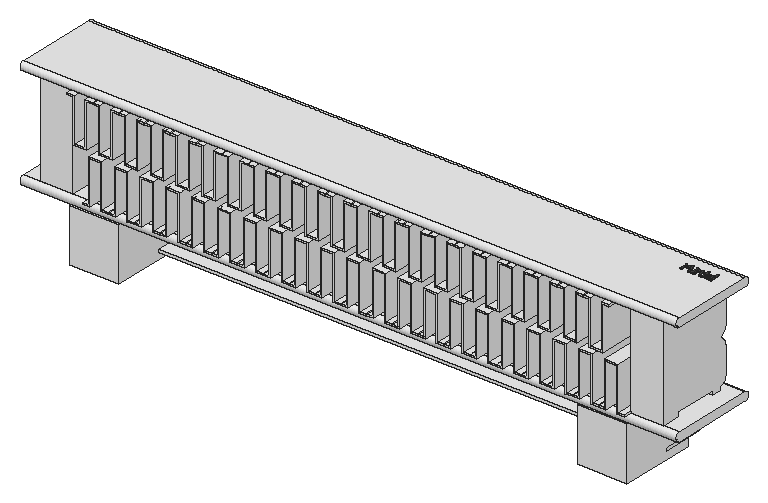
Revit family "Runtal-R2F-1", category Mechanical Equipment, host Face, Revit 2026
Family settings
  Host = Face
  Round Connector Dimension = Use Diameter
  Part Type = Normal
  Classification Number = 23.75.10.14.14
  Cut with Voids When Loaded = No
  Maintain Annotation Orientation = No
  Shared = No
  Room Calculation Point = No
Parameters (values of type "Radiator-R2F_1-Runtal-Commercial")
  URL = "http://www.runtalnorthamerica.com/commercial_institutional/type_r2f_quick_specs.html"
  Model = "R2F-1"
  Manufacturer = "Runtal Radiators"
  Logo = Paint-Runtal-B-Black Matte
  Length = 508.000 mm
  Lamelle = yes
  Height = 144.780 mm
  Grille Visibility = Actual Length < 1524.000 mm  # yes
  Grille = yes
  Frame = UHMW, White
  Fin Length = Actual Length - 38.100 mm - 38.100 mm  # 431.800 mm
  Fin Height = 67.000 mm
  Description = "R2F radiators are mounted horizontally and consist of two rows of fins sandwiched between two layers of panels."
  Default Elevation = 1219.200 mm
  Casing = Powder Coated-Runtal-W-White
  Assembly Code = "D3020"
  Actual Length = if(Length < 508.000 mm, 508.000 mm, (if(Length > 8991.600 mm, 8991.600 mm, Length)))  # 508.000 mm
Reference planes
  plane 1 "Center (Front/Back)": y = 0
  plane 2: z = 0
  plane 3 "Center (Left/Right)": x = 0
  plane 4: z = 41.275
  plane 5: z = 84.138
  plane 6: z = 120.65
  plane 7: x = -254
  plane 8: x = 254
  plane 9: x = 215.9
  plane 10: z = 52.675
  plane 11: z = 114.975
  plane 12: x = -215.9
  plane 13: z = 47.625
  plane 14: x = -241.3
  plane 15: x = 241.3
  plane 16: y = 66.03
  plane 17: y = 60.38
  plane 18: y = 61.38
  plane 19: z = 90.21
  plane 20: z = 52.675
  plane 21: z = 10.916
Forms (mm)
  Sweep 1, solid, material "Powder Coated-Runtal-W-White" <- "Casing"
    path origin (0, 2.53, -82.252) x (0, 0, -1) y (-1, 0, 0)
      loop
        line (-202.902, 254) -> (-202.902, -254)
    profile "PF Panel : PF Panel" origin (0, 2.53, 120.65) x (0, 0, -1) y (0, 1, 0)
      loop
        arc (-6.35, 3.175) -> (-3.175, 0) -> (0, 3.175) r 3.175
        line (0, 3.175) -> (0, 66.675)
        arc (0, 66.675) -> (-3.175, 69.85) -> (-6.35, 66.675) r 3.175
        line (-6.35, 66.675) -> (-6.35, 3.175)
  Sweep 2, solid, material "Powder Coated-Runtal-W-White" <- "Casing"
    path origin (0, 2.53, -161.627) x (0, 0, -1) y (-1, 0, 0)
      loop
        line (-202.902, 254) -> (-202.902, -254)
    profile "PF Panel : PF Panel" origin (0, 2.53, 41.275) x (0, 0, -1) y (0, 1, 0)
      loop
        arc (-6.35, 3.175) -> (-3.175, 0) -> (0, 3.175) r 3.175
        line (0, 3.175) -> (0, 66.675)
        arc (0, 66.675) -> (-3.175, 69.85) -> (-6.35, 66.675) r 3.175
        line (-6.35, 66.675) -> (-6.35, 3.175)
  Extrusion 3, solid, material "Paint-Runtal-B-Black Matte" <- "Logo"
    sketch origin (0, -823.718, -152.4) x (1, 0, 0) y (0, 1, 0)
      loop
        line (215.9, 877.175) -> (217.482, 877.175) -> (217.482, 880.935)
        arc (217.482, 880.935) -> (218.028, 881.547) -> (218.698, 881.075) r 0.616
        arc (218.698, 881.075) -> (218.926, 880.633) -> (219.216, 880.229) r 3.37
        line (219.216, 880.229) -> (221.077, 880.229) -> (219.757, 883.061)
        arc (219.757, 883.061) -> (219.338, 883.403) -> (218.812, 883.525) r 1.194
        line (218.812, 883.525) -> (216.635, 883.525)
        arc (216.635, 883.525) -> (216.118, 883.334) -> (215.9, 882.827) r 0.699
        line (215.9, 882.827) -> (215.9, 877.175)
      loop
        line (222.852, 877.146) -> (225.869, 877.146) -> (225.869, 883.46)
        arc (225.869, 883.46) -> (225.105, 883.929) -> (224.341, 883.46) r 0.856
        line (224.341, 883.46) -> (224.341, 879.55)
        arc (224.341, 879.55) -> (223.721, 878.929) -> (223.1, 879.55) r 0.62
        line (223.1, 879.55) -> (221.834, 883.692)
        arc (221.834, 883.692) -> (220.996, 884.11) -> (220.536, 883.296) r 0.68
        line (220.536, 883.296) -> (221.738, 878.473)
        arc (221.738, 878.473) -> (222.142, 877.681) -> (222.852, 877.146) r 1.976
      loop
        line (226.263, 877.175) -> (227.738, 877.175) -> (227.738, 881.08)
        arc (227.738, 881.08) -> (228.119, 881.677) -> (228.747, 881.35) r 0.524
        line (228.747, 881.35) -> (229.931, 878.096)
        arc (229.931, 878.096) -> (230.64, 877.334) -> (231.68, 877.312) r 1.335
        line (231.68, 877.312) -> (230.282, 882.529)
        arc (230.282, 882.529) -> (229.99, 883.234) -> (229.286, 883.525) r 0.996
        line (229.286, 883.525) -> (226.837, 883.525)
        arc (226.837, 883.525) -> (226.431, 883.357) -> (226.263, 882.951) r 0.574
        line (226.263, 882.951) -> (226.263, 877.175)
      loop
        line (232.362, 877.175) -> (233.546, 877.175) -> (233.546, 880.946)
        arc (233.546, 880.946) -> (233.686, 881.325) -> (234.038, 881.521) r 0.582
        line (234.038, 881.521) -> (236.904, 881.521)
        arc (236.904, 881.521) -> (237.565, 880.86) -> (236.904, 880.199) r 0.661
        line (236.904, 880.199) -> (235.445, 880.199)
        arc (235.445, 880.199) -> (234.937, 879.989) -> (234.726, 879.481) r 0.718
        line (234.726, 879.481) -> (234.726, 877.743)
        arc (234.726, 877.743) -> (235.131, 877.463) -> (235.621, 877.417) r 0.967
        line (235.621, 877.417) -> (238.115, 877.417)
        arc (238.115, 877.417) -> (238.698, 877.659) -> (238.939, 878.241) r 0.824
        line (238.939, 878.241) -> (238.939, 881.716)
        arc (238.939, 881.716) -> (238.614, 882.502) -> (237.828, 882.828) r 1.111
        line (237.828, 882.828) -> (234.143, 882.828)
        arc (234.143, 882.828) -> (233.721, 883.003) -> (233.546, 883.425) r 0.597
        line (233.546, 883.425) -> (233.546, 884.441)
        arc (233.546, 884.441) -> (232.868, 885.118) -> (232.191, 884.441) r 0.677
        line (232.191, 884.441) -> (232.191, 882.794)
        arc (232.191, 882.794) -> (231.752, 882.355) -> (231.152, 882.194) r 1.2
        arc (231.152, 882.194) -> (230.815, 881.857) -> (231.152, 881.521) r 0.336
        arc (231.152, 881.521) -> (231.811, 881.385) -> (232.362, 880.998) r 1.661
        line (232.362, 880.998) -> (232.362, 877.175)
      loop
        spline (235.817, 878.915) -> (235.846, 878.769) -> (235.933, 878.633) -> (236.07, 878.516) -> (236.248, 878.426) -> (236.456, 878.37) -> (236.68, 878.35) -> (236.903, 878.37) -> (237.111, 878.426) -> (237.289, 878.516) -> (237.427, 878.633) -> (237.513, 878.769) -> (237.542, 878.915)
        spline (237.542, 878.915) -> (237.513, 879.061) -> (237.427, 879.198) -> (237.289, 879.315) -> (237.111, 879.404) -> (236.903, 879.461) -> (236.68, 879.48) -> (236.456, 879.461) -> (236.248, 879.404) -> (236.07, 879.315) -> (235.933, 879.198) -> (235.846, 879.061) -> (235.817, 878.915)
      loop
        line (239.224, 877.175) -> (240.643, 877.175) -> (240.643, 884.403)
        arc (240.643, 884.403) -> (239.934, 885.113) -> (239.224, 884.403) r 0.71
        line (239.224, 884.403) -> (239.224, 877.175)
    from 279.4 to 279.569
  Extrusion 4, solid, material "Powder Coated-Runtal-W-White" <- "Casing"
    sketch origin (0, 72.38, -82.252) x (0, 0, -1) y (-1, 0, 0)
      loop
        line (-123.527, 177.8) -> (-82.252, 177.8) -> (-82.252, 215.9) -> (-123.527, 215.9) -> (-123.527, 177.8)
      loop
        line (-123.527, -177.8) -> (-123.527, -215.9) -> (-82.252, -215.9) -> (-82.252, -177.8) -> (-123.527, -177.8)
    from -69.85 to -11
  Extrusion 5, solid, material "Powder Coated-Runtal-W-White" <- "Casing", detail levels medium+fine
    sketch origin (0, -823.718, -77.492) x (1, 0, 0) y (0, 0, -1)
      loop
        arc (-213.36, -125.117) -> (-215.156, -125.861) -> (-215.9, -127.657) r 2.54
        line (-215.9, -127.657) -> (-215.9, -158.452)
        arc (-215.9, -158.452) -> (-215.156, -160.248) -> (-213.36, -160.992) r 2.54
        line (-213.36, -160.992) -> (213.36, -160.992)
        arc (213.36, -160.992) -> (215.156, -160.248) -> (215.9, -158.452) r 2.54
        line (215.9, -158.452) -> (215.9, -127.657)
        arc (215.9, -127.657) -> (215.156, -125.861) -> (213.36, -125.117) r 2.54
        line (213.36, -125.117) -> (-213.36, -125.117)
      loop
        arc (213.36, -198.142) -> (215.156, -197.398) -> (215.9, -195.602) r 2.54
        line (215.9, -195.602) -> (215.9, -164.169)
        arc (215.9, -164.169) -> (215.156, -162.373) -> (213.36, -161.629) r 2.54
        line (213.36, -161.629) -> (-213.36, -161.629)
        arc (-213.36, -161.629) -> (-215.156, -162.373) -> (-215.9, -164.169) r 2.54
        line (-215.9, -164.169) -> (-215.9, -195.602)
        arc (-215.9, -195.602) -> (-215.156, -197.398) -> (-213.36, -198.142) r 2.54
        line (-213.36, -198.142) -> (213.36, -198.142)
    from 890.718 to 896.098
  Extrusion 6, solid, material "Powder Coated-Runtal-W-White" <- "Casing"
    sketch origin (-457.2, -823.718, -82.38) x (0, 0, -1) y (0, 1, 0)
      loop
        arc (-133.188, 890.718) -> (-134.569, 894.504) -> (-138.27, 896.099) r 5.09
        line (-138.27, 896.099) -> (-160.039, 896.099)
        arc (-160.039, 896.099) -> (-164.401, 894.445) -> (-166.569, 890.314) r 6.578
        arc (-166.569, 890.314) -> (-168.673, 894.439) -> (-172.997, 896.098) r 6.464
        line (-172.997, 896.098) -> (-194.671, 896.098)
        arc (-194.671, 896.098) -> (-198.416, 894.512) -> (-199.883, 890.718) r 5.214
        line (-199.883, 890.718) -> (-203.03, 890.718) -> (-203.03, 877.778) -> (-199.855, 877.778) -> (-199.855, 844.049) -> (-203.03, 844.049) -> (-203.03, 829.825) -> (-130.005, 829.825) -> (-130.005, 844.049) -> (-133.18, 844.049) -> (-133.18, 877.778) -> (-130.005, 877.778) -> (-130.005, 890.718) -> (-133.188, 890.718)
    from 215.9 to 241.3
  Extrusion 7, solid, material "Powder Coated-Runtal-W-White" <- "Casing"
    sketch origin (0, 0, 0) x (0, 1, 0) y (0, 0, 1)
      loop
        line (72.38, 41.275) -> (70.461, 41.275) -> (70.461, 7.798) -> (40.63, 7.798) -> (40.63, 5.88) -> (72.38, 5.88) -> (72.38, 41.275)
    from -215.9 to 215.9
  Extrusion 8, solid, material "Powder Coated-Runtal-W-White" <- "Casing"
    sketch origin (457.2, -823.718, -82.38) x (0, 0, -1) y (0, -1, 0)
      loop
        line (-133.188, -884.368) -> (-130.005, -884.368) -> (-130.005, -877.778) -> (-133.18, -877.778) -> (-133.18, -844.049) -> (-130.005, -844.049) -> (-130.005, -829.825) -> (-203.03, -829.825) -> (-203.03, -844.049) -> (-199.855, -844.049) -> (-199.855, -877.778) -> (-203.03, -877.778) -> (-203.03, -884.368) -> (-199.883, -884.368)
        arc (-199.883, -884.368) -> (-198.416, -888.162) -> (-194.671, -889.748) r 5.214
        line (-194.671, -889.748) -> (-172.997, -889.748)
        arc (-172.997, -889.748) -> (-168.673, -888.089) -> (-166.569, -883.964) r 6.464
        arc (-166.569, -883.964) -> (-164.401, -888.095) -> (-160.039, -889.749) r 6.578
        line (-160.039, -889.749) -> (-138.27, -889.749)
        arc (-138.27, -889.749) -> (-134.569, -888.154) -> (-133.188, -884.368) r 5.09
    from 215.9 to 241.3
Dimensions and locks
  plane 6 to plane 5 to plane 4 to level = 36.512 mm locked, 42.863 mm locked, 41.275 mm locked
  locked: level to plane 10 at 52.675
  locked: level to plane 11 at 114.975
  equal spacing: plane 7, plane 3 "Center (Left/Right)", plane 8  (x2)
  locked: plane 13 to level at 47.625
  locked: plane 9 to plane 8 at 38.1
  locked: plane 12 to plane 7 at 38.1
  "Actual Length": plane 7 to plane 8
  locked: plane 15 to plane 8 at 12.7
  locked: plane 7 to plane 14 at 12.7
  locked: host face to plane 19 at 90.21
  locked: host face to plane 20 at 52.675
  locked: host face to plane 21 at 10.916
  aligned and locked: plane 2 to host face
  aligned and locked: level to host face
  aligned and locked: plane 2 to nested 1
  aligned and locked: nested 1 to plane 7
  aligned and locked: plane 2 to nested 2
  aligned and locked: Extrusion 4 to level  (x3)
  aligned and locked: level to nested 2
  aligned and locked: plane 14 to Extrusion 6
  aligned and locked: Extrusion 6 to plane 12  (x4)
  aligned and locked: plane 12 to nested 3
  aligned and locked: nested 4 to plane 9
  aligned and locked: Extrusion 7 to plane 4  (x2)
  aligned and locked: plane 18 to nested 6
  aligned and locked: nested 6 to plane 12
  aligned and locked: nested 6 to plane 9
  aligned and locked: nested 5 to plane 9
  aligned and locked: plane 9 to Extrusion 7
  aligned and locked: plane 9 to Extrusion 4
  aligned and locked: nested 1 to plane 9  (x2)
  aligned and locked: Extrusion 7 to plane 12
  aligned and locked: Extrusion 4 to plane 12
  aligned and locked: plane 12 to nested 1  (x2)
  aligned and locked: nested 5 to plane 12
  aligned and locked: Extrusion 8 to plane 15
  aligned and locked: Extrusion 8 to plane 9
  aligned and locked: plane 15 to nested 2
  aligned and locked: Extrusion 4 to nested 6
  aligned and locked: plane 21 to nested 5
  aligned and locked: plane 20 to nested 8
  aligned and locked: plane 9 to Extrusion 5  (x2)
  aligned and locked: plane 9 to nested 7
  aligned and locked: plane 9 to nested 8
  aligned and locked: plane 12 to nested 7
  aligned and locked: plane 12 to nested 8
  aligned and locked: plane 12 to Extrusion 7
  aligned and locked: Extrusion 5 to plane 12  (x2)
  aligned and locked: nested 4 to plane 12
  aligned and locked: plane 9 to Extrusion 8  (x2)
Automatic sketch dimensions
  host sketch curve to host sketch curve = 2438.400 mm  (x2)
  Sweep 1 sketch curve to plane 6 = 0.000 mm
  plane 8 to Sweep 1 sketch curve = 0.000 mm
  plane 7 to Sweep 1 sketch curve = 0.000 mm
  Sweep 2 sketch curve to plane 4 = 0.000 mm
  plane 8 to Sweep 2 sketch curve = 0.000 mm
  plane 7 to Sweep 2 sketch curve = 0.000 mm
  Extrusion 3 sketch curve to plane 9 = 0.000 mm
  plane 17 to Extrusion 3 sketch curve = 6.953 mm
  plane 9 to Extrusion 3 sketch curve = 0.735 mm
  Extrusion 3 sketch curve to Extrusion 3 sketch curve = 1.582 mm
  plane 17 to Extrusion 3 sketch curve = 0.573 mm  (x2)
  Extrusion 3 sketch curve to Extrusion 3 sketch curve = 2.177 mm
  Extrusion 3 sketch curve to Extrusion 3 sketch curve = 1.734 mm
  plane 17 to Extrusion 3 sketch curve = 1.037 mm
  Extrusion 3 sketch curve to Extrusion 3 sketch curve = 0.945 mm
  plane 17 to Extrusion 3 sketch curve = 0.803 mm
  Extrusion 3 sketch curve to Extrusion 3 sketch curve = 0.779 mm
  Extrusion 3 sketch curve to Extrusion 3 sketch curve = 1.861 mm
  Extrusion 3 sketch curve to Extrusion 3 sketch curve = 0.661 mm
  plane 17 to Extrusion 3 sketch curve = 0.406 mm
  Extrusion 3 sketch curve to Extrusion 3 sketch curve = 1.298 mm
  Extrusion 3 sketch curve to Extrusion 3 sketch curve = 1.114 mm
  Extrusion 3 sketch curve to Extrusion 3 sketch curve = 1.362 mm
  plane 17 to Extrusion 3 sketch curve = 0.638 mm  (x2)
  Extrusion 3 sketch curve to Extrusion 3 sketch curve = 2.507 mm
  Extrusion 3 sketch curve to Extrusion 3 sketch curve = 1.528 mm
  Extrusion 3 sketch curve to Extrusion 3 sketch curve = 0.394 mm
  Extrusion 3 sketch curve to Extrusion 3 sketch curve = 0.574 mm
  Extrusion 3 sketch curve to Extrusion 3 sketch curve = 1.475 mm
  plane 17 to Extrusion 3 sketch curve = 2.748 mm
  Extrusion 3 sketch curve to Extrusion 3 sketch curve = 1.008 mm
  Extrusion 3 sketch curve to Extrusion 3 sketch curve = 0.539 mm
  Extrusion 3 sketch curve to Extrusion 3 sketch curve = 2.193 mm
  plane 17 to Extrusion 3 sketch curve = 1.569 mm
  Extrusion 3 sketch curve to Extrusion 3 sketch curve = 1.749 mm
  Extrusion 3 sketch curve to plane 17 = 0.343 mm
  Extrusion 3 sketch curve to Extrusion 3 sketch curve = 1.909 mm
  Extrusion 3 sketch curve to Extrusion 3 sketch curve = 0.683 mm
  Extrusion 3 sketch curve to Extrusion 3 sketch curve = 1.355 mm
  Extrusion 3 sketch curve to Extrusion 3 sketch curve = 1.184 mm
  Extrusion 3 sketch curve to Extrusion 3 sketch curve = 0.492 mm  (x2)
  Extrusion 3 sketch curve to Extrusion 3 sketch curve = 1.181 mm
  Extrusion 3 sketch curve to Extrusion 3 sketch curve = 0.718 mm
  Extrusion 3 sketch curve to Extrusion 3 sketch curve = 0.894 mm
  Extrusion 3 sketch curve to Extrusion 3 sketch curve = 1.460 mm
  Extrusion 3 sketch curve to Extrusion 3 sketch curve = 0.923 mm
  Extrusion 3 sketch curve to Extrusion 3 sketch curve = 2.495 mm
  Extrusion 3 sketch curve to Extrusion 3 sketch curve = 1.111 mm
  Extrusion 3 sketch curve to Extrusion 3 sketch curve = 0.285 mm
  plane 15 to Extrusion 3 sketch curve = 0.657 mm
  Extrusion 3 sketch curve to Extrusion 3 sketch curve = 0.699 mm
  Extrusion 3 sketch curve to Extrusion 3 sketch curve = 0.616 mm
  Extrusion 3 sketch curve to Extrusion 3 sketch curve = 0.600 mm
  Extrusion 3 sketch curve to Extrusion 3 sketch curve = 0.603 mm
  Extrusion 3 sketch curve to Extrusion 3 sketch curve = 0.065 mm
  Extrusion 3 sketch curve to Extrusion 3 sketch curve = 0.764 mm
  Extrusion 3 sketch curve to Extrusion 3 sketch curve = 0.870 mm
  Extrusion 3 sketch curve to Extrusion 3 sketch curve = 0.034 mm
  Extrusion 3 sketch curve to Extrusion 3 sketch curve = 0.582 mm
  Extrusion 3 sketch curve to Extrusion 3 sketch curve = 0.597 mm
  Extrusion 3 sketch curve to Extrusion 3 sketch curve = 0.000 mm  (x3)
  Extrusion 3 sketch curve to Extrusion 3 sketch curve = 0.735 mm
  Extrusion 3 sketch curve to Extrusion 3 sketch curve = 0.356 mm
  Extrusion 3 sketch curve to Extrusion 3 sketch curve = 0.863 mm
  plane 17 to Extrusion 3 sketch curve = 6.923 mm
  Extrusion 3 sketch curve to Extrusion 3 sketch curve = 4.175 mm
  Extrusion 3 sketch curve to Extrusion 3 sketch curve = 0.030 mm
  Extrusion 3 sketch curve to Extrusion 3 sketch curve = 5.652 mm
  Extrusion 3 sketch curve to Extrusion 3 sketch curve = 0.137 mm
  Extrusion 3 sketch curve to Extrusion 3 sketch curve = 0.242 mm
  Extrusion 3 sketch curve to Extrusion 3 sketch curve = 0.326 mm
  Extrusion 3 sketch curve to Extrusion 3 sketch curve = 0.784 mm
  Extrusion 3 sketch curve to Extrusion 3 sketch curve = 1.327 mm
  Extrusion 3 sketch curve to Extrusion 3 sketch curve = 1.109 mm
  Extrusion 3 sketch curve to Extrusion 3 sketch curve = 0.599 mm
  Extrusion 3 sketch curve to Extrusion 3 sketch curve = 1.756 mm
  Extrusion 3 sketch curve to Extrusion 3 sketch curve = 0.706 mm
  Extrusion 3 sketch curve to Extrusion 3 sketch curve = 1.466 mm
  Extrusion 3 sketch curve to Extrusion 3 sketch curve = 0.051 mm
  Extrusion 3 sketch curve to Extrusion 3 sketch curve = 0.270 mm
  Extrusion 3 sketch curve to Extrusion 3 sketch curve = 0.195 mm
  plane 17 to Extrusion 3 sketch curve = 1.305 mm
  Extrusion 3 sketch curve to plane 17 = 0.305 mm
  Extrusion 3 sketch curve to Extrusion 3 sketch curve = 0.544 mm
  Extrusion 3 sketch curve to Extrusion 3 sketch curve = 1.307 mm
  Extrusion 3 sketch curve to Extrusion 3 sketch curve = 0.336 mm
  Extrusion 3 sketch curve to Extrusion 3 sketch curve = 0.387 mm
  Extrusion 4 sketch curve to plane 4 = 0.000 mm  (x2)
  Extrusion 4 sketch curve to level = 0.000 mm  (x2)
  Extrusion 4 sketch curve to plane 9 = 0.000 mm
  Extrusion 4 sketch curve to plane 12 = 0.000 mm
  Extrusion 4 sketch curve to Extrusion 4 sketch curve = 38.100 mm  (x2)
  Extrusion 5 sketch curve to plane 12 = 0.000 mm  (x2)
  Extrusion 5 sketch curve to plane 6 = 0.000 mm
  Extrusion 5 sketch curve to plane 5 = 0.000 mm
  Extrusion 5 sketch curve to plane 13 = 0.000 mm
  Extrusion 5 sketch curve to plane 9 = 0.000 mm  (x2)
  plane 6 to Extrusion 5 sketch curve = 2.540 mm
  plane 12 to Extrusion 5 sketch curve = 2.540 mm  (x3)
  Extrusion 5 sketch curve to Extrusion 5 sketch curve = 0.000 mm  (x2)
  Extrusion 5 sketch curve to plane 9 = 2.540 mm  (x2)
  plane 5 to Extrusion 5 sketch curve = 0.638 mm
  plane 6 to Extrusion 6 sketch curve = 0.000 mm  (x2)
  plane 13 to Extrusion 6 sketch curve = 0.000 mm  (x2)
  Extrusion 6 sketch curve to plane 1 "Center (Front/Back)" = 6.106 mm
  plane 11 to Extrusion 6 sketch curve = 2.527 mm
  plane 11 to Extrusion 6 sketch curve = 2.500 mm
  Extrusion 6 sketch curve to plane 11 = 2.684 mm
  Extrusion 6 sketch curve to plane 5 = 6.479 mm
  Extrusion 6 sketch curve to plane 16 = 6.351 mm
  plane 5 to Extrusion 6 sketch curve = 6.479 mm
  plane 10 to Extrusion 6 sketch curve = 3.215 mm
  Extrusion 6 sketch curve to plane 10 = 1.867 mm
  Extrusion 6 sketch curve to plane 10 = 1.875 mm
  Extrusion 6 sketch curve to plane 5 = 0.051 mm
  Extrusion 6 sketch curve to Extrusion 6 sketch curve = 14.225 mm  (x2)
  plane 17 to Extrusion 6 sketch curve = 6.320 mm  (x2)
  Extrusion 6 sketch curve to Extrusion 6 sketch curve = 6.578 mm
  plane 4 to Extrusion 7 sketch curve = 0.000 mm
  level to Extrusion 7 sketch curve = 7.798 mm
  plane 17 to Extrusion 7 sketch curve = 19.750 mm
  level to Extrusion 7 sketch curve = 5.880 mm
  Extrusion 7 sketch curve to plane 16 = 4.431 mm
  Extrusion 7 sketch curve to Extrusion 7 sketch curve = 1.919 mm
  plane 6 to Extrusion 8 sketch curve = 0.000 mm  (x2)
  Extrusion 8 sketch curve to plane 16 = 0.000 mm
  plane 13 to Extrusion 8 sketch curve = 0.000 mm  (x2)
  Extrusion 8 sketch curve to plane 16 = 0.001 mm
  plane 11 to Extrusion 8 sketch curve = 2.527 mm
  plane 11 to Extrusion 8 sketch curve = 2.500 mm
  Extrusion 8 sketch curve to plane 11 = 2.684 mm
  Extrusion 8 sketch curve to plane 5 = 6.479 mm
  plane 5 to Extrusion 8 sketch curve = 6.479 mm
  plane 10 to Extrusion 8 sketch curve = 3.215 mm
  Extrusion 8 sketch curve to plane 10 = 1.867 mm
  Extrusion 8 sketch curve to plane 10 = 1.875 mm
  Extrusion 8 sketch curve to plane 5 = 0.051 mm
  plane 16 to Extrusion 8 sketch curve = 5.380 mm  (x2)
  plane 17 to Extrusion 8 sketch curve = 6.320 mm  (x2)
  Extrusion 8 sketch curve to plane 1 "Center (Front/Back)" = 20.331 mm  (x2)
  Extrusion 8 sketch curve to plane 1 "Center (Front/Back)" = 6.106 mm
  plane 16 to Extrusion 8 sketch curve = 5.784 mm
  Extrusion 6 sketch curve to plane 16 = 6.350 mm
  Extrusion 6 sketch curve to plane 16 = 0.970 mm  (x2)
Nested families
  nested 1: "R2F_Plan_coarse" at (0, 37.465, 0) x (-1, 0, 0) z (0, -1, 0), type "R2F_Plan_coarse"
  nested 2: "R2F_Plan_Medium" at (0, 0, 0) x (-1, 0, 0) z (0, -1, 0), type "R2F_Plan_Medium"
  nested 3: "Family Fins" at (-215.9, 0, 120.65) x (1, 0, 0) z (0, 1, 0), type "Family Fins", detail levels medium+fine
    with fHeight 67.000 mm
  nested 4: "Family Fins" at (215.9, 0, 47.625) x (-1, 0, 0) z (0, 1, 0), type "Family Fins", detail levels medium+fine
    with fHeight 67.000 mm
  nested 5: "Family Grilles" at (215.9, 72.38, 10.916) x (-1, 0, 0) z (0, 1, 0), visible <- "Grille Visibility", type "Family Grilles", detail levels fine
  nested 6: "Family Back Grilles" at (215.9, 61.38, 5.88) x (-1, 0, 0) z (0, 0, -1), visible <- "Grille Visibility", type "Family Back Grilles", detail levels fine
  nested 7: "Family Grilles" at (-215.9, 72.38, 114.975) x (1, 0, 0) z (0, 1, 0), visible <- "Grille Visibility", type "Family Grilles", detail levels fine
  nested 8: "Family Grilles" at (-215.9, 72.38, 52.675) x (1, 0, 0) z (0, -1, 0), visible <- "Grille Visibility", type "Family Grilles", detail levels fine
Connectors
  piping at (196.85, 31.955, 0), diameter 609.6
    settings: on Extrusion 4, index 1, connector inside diameter 24", connector length 0.000 mm, flow factor 0, pipe flow 0 GPM, pressure drop 0.00 psi, fitting loss kfactor 0, connector angle 0.00°, fixture units 0, engagement length 0.000 mm, angle of deflection 0.00°, flow configuration 0, flow direction 0, fitting loss method 0, system type 7, joint type 0, gender type 0, connector reference index -1, connector utility 0, adjustable connector no, is connector primary yes, connector description ""
Definition of nested family "Family Fins"
  Parameters
    finLength = 431.800 mm
    fin# = rounddown((finLength) / 19.990 mm)  # 21
    fin = none
    fHeight = 120.000 mm
    Default Elevation = 0.000 mm  # constant formula
  Reference planes
    plane 1 "Center (Front/Back)": y = 0
    plane 2 "Stick": z = 0
    plane 3 "Center (Left/Right)": x = 0
    plane 4: x = 431.8
  Forms (mm)
    Extrusion 1, solid
      sketch origin (0, 0, 0) x (1, 0, 0) y (0, 1, 0)
        loop
          line (-1219.2, 1219.2) -> (-1219.2, -1219.2) -> (1219.2, -1219.2) -> (1219.2, 1219.2) -> (-1219.2, 1219.2)
      from 0 to -304.8
  Dimensions and locks
    "finLength": plane 3 "Center (Left/Right)" to plane 4
    equal spacing: group 1, group 2, group 3, group 4, group 5, group 6, group 7, group 8, group 9, group 10, group 11, group 12, group 13, group 14, group 15, group 16, group 17, group 18, group 19, group 20, group 21  (x3)
    aligned and locked: plane 2 "Stick" to Extrusion 1
    aligned and locked: level to Extrusion 1
  Automatic sketch dimensions
    Extrusion 1 sketch curve to Extrusion 1 sketch curve = 2438.400 mm  (x2)
  Nested families
    nested 1: "Family Lamelle" at (9.995, 0, 0), type "Family Lamelle"
      with fHeight 120.000 mm
    nested 2: "Family Lamelle" at (29.985, 0, 0), type "Family Lamelle"
      with fHeight 120.000 mm
    nested 3: "Family Lamelle" at (49.975, 0, 0), type "Family Lamelle"
      with fHeight 120.000 mm
    nested 4: "Family Lamelle" at (69.964, 0, 0), type "Family Lamelle"
      with fHeight 120.000 mm
    nested 5: "Family Lamelle" at (89.954, 0, 0), type "Family Lamelle"
      with fHeight 120.000 mm
    nested 6: "Family Lamelle" at (109.944, 0, 0), type "Family Lamelle"
      with fHeight 120.000 mm
    nested 7: "Family Lamelle" at (129.934, 0, 0), type "Family Lamelle"
      with fHeight 120.000 mm
    nested 8: "Family Lamelle" at (149.924, 0, 0), type "Family Lamelle"
      with fHeight 120.000 mm
    nested 9: "Family Lamelle" at (169.913, 0, 0), type "Family Lamelle"
      with fHeight 120.000 mm
    nested 10: "Family Lamelle" at (189.903, 0, 0), type "Family Lamelle"
      with fHeight 120.000 mm
    nested 11: "Family Lamelle" at (209.893, 0, 0), type "Family Lamelle"
      with fHeight 120.000 mm
    nested 12: "Family Lamelle" at (229.883, 0, 0), type "Family Lamelle"
      with fHeight 120.000 mm
    nested 13: "Family Lamelle" at (249.873, 0, 0), type "Family Lamelle"
      with fHeight 120.000 mm
    nested 14: "Family Lamelle" at (269.862, 0, 0), type "Family Lamelle"
      with fHeight 120.000 mm
    nested 15: "Family Lamelle" at (289.852, 0, 0), type "Family Lamelle"
      with fHeight 120.000 mm
    nested 16: "Family Lamelle" at (309.842, 0, 0), type "Family Lamelle"
      with fHeight 120.000 mm
    nested 17: "Family Lamelle" at (329.832, 0, 0), type "Family Lamelle"
      with fHeight 120.000 mm
    nested 18: "Family Lamelle" at (349.822, 0, 0), type "Family Lamelle"
      with fHeight 120.000 mm
    nested 19: "Family Lamelle" at (369.811, 0, 0), type "Family Lamelle"
      with fHeight 120.000 mm
    nested 20: "Family Lamelle" at (389.801, 0, 0), type "Family Lamelle"
      with fHeight 120.000 mm
    nested 21: "Family Lamelle" at (409.791, 0, 0), type "Family Lamelle"
      with fHeight 120.000 mm
  Definition of nested family "Family Lamelle"
    Parameters
      fHeight = 66.000 mm
      Fin = none
      Default Elevation = 1219.200 mm
    Reference planes
      plane 1 "Center (Front/Back)": y = 0
      plane 2: z = 0
      plane 3 "Center (Left/Right)": x = 0
    Forms (mm)
      Extrusion 1, solid
        sketch origin (0, 0, 0) x (1, 0, 0) y (0, 1, 0)
          loop
            line (-1219.2, 1219.2) -> (-1219.2, -1219.2) -> (1219.2, -1219.2) -> (1219.2, 1219.2) -> (-1219.2, 1219.2)
        from 0 to -304.8
      Sweep 2, solid, material <- "Fin"
        path origin (0, 0, 0) x (1, 0, 0) y (0, 0, 1)
          loop
            line (0, 0) -> (0, 66)
        profile "PF Lamelle : PF Lamelle" origin (0, 0, 33) x (-1, 0, 0) y (0, -1, 0)
          loop
            line (9.995, 0) -> (4.229, 0) -> (4.229, -33.477) -> (-4.229, -33.477) -> (-4.229, 0) -> (-9.995, 0) -> (-9.995, -1.016) -> (-5.245, -1.016) -> (-5.245, -34.493) -> (5.245, -34.493) -> (5.245, -1.016) -> (9.995, -1.016) -> (9.995, 0)
    Dimensions and locks
      "fHeight": Sweep 2 sketch curve to plane 2
      aligned and locked: plane 2 to Extrusion 1
      aligned and locked: level to Extrusion 1
    Automatic sketch dimensions
      Extrusion 1 sketch curve to Extrusion 1 sketch curve = 2438.400 mm  (x2)
      Sweep 2 sketch curve to plane 3 "Center (Left/Right)" = 0.000 mm
      Sweep 2 sketch curve to level = 0.000 mm
Definition of nested family "R2F_Plan_coarse"
  Parameters
    width = 508.000 mm
  Reference planes
    plane 1 "Center (Front/Back)": y = 0
    plane 2: z = 0
    plane 3 "Center (Left/Right)": x = 0
    plane 4: x = -254
    plane 5: x = 254
    plane 6: x = -177.8
    plane 7: x = 177.8
  Lines and regions (mm)
    Masking region 1, in view "Ref. Level"
      outline origin (0, 0, 0) x (1, 0, 0) y (0, 1, 0)
        loop
          line (-177.8, -4.961) -> (-177.8, 0) -> (-215.9, 0) -> (-215.9, -41.275) -> (-254, -41.275) -> (-254, -47.625) -> (-241.3, -47.625) -> (-241.3, -120.65) -> (-254, -120.65) -> (-254, -127) -> (254, -127) -> (254, -120.65) -> (241.3, -120.65) -> (241.3, -47.625) -> (254, -47.625) -> (254, -41.275) -> (215.9, -41.275) -> (215.9, 0) -> (177.8, 0) -> (177.8, -4.961) -> (-177.8, -4.961)
    detail lines, in view "Ref. Level"
      curve 1: line (-215.9, 0, 0) -> (-215.9, -41.275, 0)
      curve 2: line (-241.3, -47.625, 0) -> (-241.3, -120.65, 0)
      curve 3: line (215.9, -41.275, 0) -> (215.9, 0, 0)
      curve 4: line (215.9, 0, 0) -> (177.8, 0, 0)
      curve 5: line (177.8, 0, 0) -> (177.8, -4.961, 0)
      curve 6: line (-177.8, -4.961, 0) -> (-177.8, 0, 0)
      curve 7: line (-177.8, 0, 0) -> (-215.9, 0, 0)
      curve 8: line (-254, -41.275, 0) -> (-215.9, -41.275, 0)
      curve 9: line (-254, -41.275, 0) -> (-254, -47.625, 0)
      curve 10: line (-254, -47.625, 0) -> (-241.3, -47.625, 0)
      curve 11: line (-241.3, -120.65, 0) -> (-254, -120.65, 0)
      curve 12: line (-254, -120.65, 0) -> (-254, -127, 0)
      curve 13: line (-177.8, -4.961, 0) -> (177.8, -4.961, 0)
      curve 14: line (215.9, -41.275, 0) -> (254, -41.275, 0)
      curve 15: line (254, -41.275, 0) -> (254, -47.625, 0)
      curve 16: line (254, -47.625, 0) -> (241.3, -47.625, 0)
      curve 17: line (241.3, -47.625, 0) -> (241.3, -120.65, 0)
      curve 18: line (241.3, -120.65, 0) -> (254, -120.65, 0)
      curve 19: line (254, -120.65, 0) -> (254, -127, 0)
      curve 20: line (254, -127, 0) -> (-254, -127, 0)
    detail lines, in view "Ref. Level", not visible
      curve 21: line (-215.9, 0, 0) -> (-215.9, -41.275, 0)
      curve 22: line (-241.3, -47.625, 0) -> (-241.3, -120.65, 0)
      curve 23: line (-177.8, -4.961, 0) -> (-177.8, 0, 0)
      curve 24: line (-177.8, 0, 0) -> (-215.9, 0, 0)
      curve 25: line (-254, -41.275, 0) -> (-215.9, -41.275, 0)
      curve 26: line (-254, -41.275, 0) -> (-254, -47.625, 0)
      curve 27: line (-254, -47.625, 0) -> (-241.3, -47.625, 0)
      curve 28: line (-241.3, -120.65, 0) -> (-254, -120.65, 0)
      curve 29: line (-254, -120.65, 0) -> (-254, -127, 0)
      curve 30: line (215.9, -41.275, 0) -> (215.9, 0, 0)
      curve 31: line (215.9, 0, 0) -> (177.8, 0, 0)
      curve 32: line (177.8, 0, 0) -> (177.8, -4.961, 0)
      curve 33: line (215.9, -41.275, 0) -> (254, -41.275, 0)
      curve 34: line (254, -41.275, 0) -> (254, -47.625, 0)
      curve 35: line (254, -47.625, 0) -> (241.3, -47.625, 0)
      curve 36: line (241.3, -47.625, 0) -> (241.3, -120.65, 0)
      curve 37: line (241.3, -120.65, 0) -> (254, -120.65, 0)
      curve 38: line (254, -120.65, 0) -> (254, -127, 0)
  Dimensions and locks
    equal spacing: plane 4, plane 3 "Center (Left/Right)", plane 5
    "width": plane 4 to plane 5
    locked: plane 7 to plane 5 at 76.2
    locked: plane 4 to plane 6 at 76.2
    aligned and locked: plane 4 to curve 9
    aligned and locked: plane 5 to curve 15
    aligned and locked: plane 5 to curve 20
    aligned and locked: plane 4 to curve 20
    aligned and locked: curve 6 to plane 6
    aligned and locked: curve 5 to plane 7
    aligned and locked: curve 6 to Masking region 1 sketch curve
    aligned and locked: Masking region 1 sketch curve to curve 7
    aligned and locked: Masking region 1 sketch curve to curve 1
    aligned and locked: Masking region 1 sketch curve to curve 8
    aligned and locked: Masking region 1 sketch curve to curve 9
    aligned and locked: Masking region 1 sketch curve to curve 10
    aligned and locked: Masking region 1 sketch curve to curve 2
    aligned and locked: Masking region 1 sketch curve to curve 11
    aligned and locked: Masking region 1 sketch curve to curve 12
    aligned and locked: Masking region 1 sketch curve to curve 20
    aligned and locked: Masking region 1 sketch curve to curve 5
    aligned and locked: Masking region 1 sketch curve to curve 4
    aligned and locked: Masking region 1 sketch curve to curve 3
    aligned and locked: Masking region 1 sketch curve to curve 14
    aligned and locked: Masking region 1 sketch curve to curve 15
    aligned and locked: Masking region 1 sketch curve to curve 16
    aligned and locked: Masking region 1 sketch curve to curve 17
    aligned and locked: Masking region 1 sketch curve to curve 18
    aligned and locked: Masking region 1 sketch curve to curve 19
  Automatic sketch dimensions
    plane 1 "Center (Front/Back)" to curve 20 = 127.000 mm
    plane 1 "Center (Front/Back)" to Masking region 1 sketch curve = 4.961 mm
    curve 11 to curve 9 = 0.000 mm
    curve 9 to curve 2 = 12.700 mm
    curve 2 to curve 1 = 25.400 mm
    curve 1 to curve 6 = 38.100 mm
    curve 11 to curve 9 = 73.025 mm
    curve 9 to curve 8 = 6.350 mm
    curve 1 to curve 7 = 41.275 mm
    curve 12 to curve 11 = 6.350 mm
    curve 6 to curve 6 = 4.961 mm
    curve 28 to curve 26 = 0.000 mm
    curve 26 to curve 22 = 12.700 mm
    curve 22 to curve 21 = 25.400 mm
    curve 21 to curve 23 = 38.100 mm
    curve 28 to curve 26 = 73.025 mm
    curve 26 to curve 25 = 6.350 mm
    curve 21 to curve 24 = 41.275 mm
    curve 29 to curve 28 = 6.350 mm
    curve 23 to curve 23 = 4.961 mm
    curve 5 to curve 4 = 38.100 mm
    curve 14 to curve 17 = 25.400 mm
    curve 16 to curve 15 = 12.700 mm
    curve 17 to curve 19 = 12.700 mm
    curve 18 to curve 15 = 73.025 mm
    curve 17 to curve 3 = 6.350 mm
    curve 3 to curve 5 = 41.275 mm
    curve 19 to curve 18 = 6.350 mm
    curve 5 to curve 4 = 4.961 mm
    curve 32 to curve 31 = 38.100 mm
    curve 33 to curve 36 = 25.400 mm
    curve 35 to curve 34 = 12.700 mm
    curve 36 to curve 38 = 12.700 mm
    curve 37 to curve 34 = 73.025 mm
    curve 36 to curve 30 = 6.350 mm
    curve 30 to curve 32 = 41.275 mm
    curve 38 to curve 37 = 6.350 mm
    curve 32 to curve 31 = 4.961 mm
    curve 13 to plane 6 = 0.000 mm
    curve 13 to plane 7 = 0.000 mm
    plane 1 "Center (Front/Back)" to curve 13 = 4.961 mm
Definition of nested family "R2F_Plan_Medium"
  Parameters
    width = 508.000 mm
  Reference planes
    plane 1 "Center (Front/Back)": y = 0
    plane 2: z = 0
    plane 3 "Center (Left/Right)": x = 0
    plane 4: x = -254
    plane 5: x = 254
  Lines and regions (mm)
    Masking region 1, in view "Ref. Level", detail levels medium+fine
      outline origin (0, 0, 0) x (1, 0, 0) y (0, 1, 0)
        loop
          line (-177.8, -4.961) -> (-177.8, 0) -> (-215.9, 0) -> (-215.9, -41.275) -> (-254, -41.275) -> (-254, -47.625) -> (-241.3, -47.625) -> (-241.3, -120.65) -> (-254, -120.65) -> (-254, -127) -> (254, -127) -> (254, -120.65) -> (241.3, -120.65) -> (241.3, -47.625) -> (254, -47.625) -> (254, -41.275) -> (215.9, -41.275) -> (215.9, 0) -> (177.8, 0) -> (177.8, -4.961) -> (-177.8, -4.961)
    detail lines, in view "Ref. Level", detail levels medium+fine
      curve 1: line (-215.9, 0, 0) -> (-177.8, 0, 0)
      curve 2: line (-215.9, -41.275, 0) -> (-215.9, 0, 0)
      curve 3: line (-177.8, -41.275, 0) -> (-215.9, -41.275, 0)
      curve 4: line (-177.8, 0, 0) -> (-177.8, -4.961, 0)
      curve 5: line (177.8, 0, 0) -> (215.9, 0, 0)
      curve 6: line (177.8, -4.961, 0) -> (177.8, 0, 0)
      curve 7: line (215.9, 0, 0) -> (215.9, -41.275, 0)
      curve 8: line (241.3, -47.625, 0) -> (215.9, -47.625, 0)
      curve 9: line (241.3, -80.963, 0) -> (241.3, -47.625, 0)
      curve 10: line (215.9, -80.963, 0) -> (241.3, -80.963, 0)
      curve 11: line (215.9, -47.625, 0) -> (215.9, -80.963, 0)
      curve 12: line (241.3, -80.963, 0) -> (215.9, -80.963, 0)
      curve 13: line (241.3, -114.3, 0) -> (241.3, -80.963, 0)
      curve 14: line (215.9, -114.3, 0) -> (241.3, -114.3, 0)
      curve 15: line (215.9, -80.963, 0) -> (215.9, -114.3, 0)
      curve 16: line (215.9, -114.3, 0) -> (241.3, -114.3, 0)
      curve 17: line (215.9, -120.65, 0) -> (215.9, -114.3, 0)
      curve 18: line (241.3, -120.65, 0) -> (215.9, -120.65, 0)
      curve 19: line (241.3, -114.3, 0) -> (241.3, -120.65, 0)
      curve 20: line (254, -120.65, 0) -> (-254, -120.65, 0)
      curve 21: line (254, -127, 0) -> (254, -120.65, 0)
      curve 22: line (-254, -127, 0) -> (254, -127, 0)
      curve 23: line (-254, -120.65, 0) -> (-254, -127, 0)
      curve 24: line (-241.3, -84.138, 0) -> (-215.9, -84.138, 0)
      curve 25: line (-241.3, -117.475, 0) -> (-241.3, -84.138, 0)
      curve 26: line (-215.9, -117.475, 0) -> (-241.3, -117.475, 0)
      curve 27: line (-215.9, -84.138, 0) -> (-215.9, -117.475, 0)
      curve 28: line (-241.3, -117.475, 0) -> (-215.9, -117.475, 0)
      curve 29: line (-241.3, -120.65, 0) -> (-241.3, -117.475, 0)
      curve 30: line (-215.9, -120.65, 0) -> (-241.3, -120.65, 0)
      curve 31: line (-215.9, -117.475, 0) -> (-215.9, -120.65, 0)
      curve 32: line (-241.3, -50.8, 0) -> (-215.9, -50.8, 0)
      curve 33: line (-241.3, -84.138, 0) -> (-241.3, -50.8, 0)
      curve 34: line (-215.9, -84.138, 0) -> (-241.3, -84.138, 0)
      curve 35: line (-215.9, -50.8, 0) -> (-215.9, -84.138, 0)
      curve 36: line (-241.3, -47.625, 0) -> (-215.9, -47.625, 0)
      curve 37: line (-241.3, -50.8, 0) -> (-241.3, -47.625, 0)
      curve 38: line (-215.9, -50.8, 0) -> (-241.3, -50.8, 0)
      curve 39: line (-215.9, -47.625, 0) -> (-215.9, -50.8, 0)
      curve 40: line (-215.9, -83.5, 0) -> (215.9, -83.5, 0)
      curve 41: line (-215.9, -47.625, 0) -> (-215.9, -83.5, 0)
      curve 42: line (215.9, -47.625, 0) -> (-215.9, -47.625, 0)
      curve 43: line (215.9, -83.5, 0) -> (215.9, -47.625, 0)
      curve 44: line (-215.9, -84.135, 0) -> (215.9, -84.135, 0)
      curve 45: line (-215.9, -120.65, 0) -> (-215.9, -84.138, 0)
      curve 46: line (215.9, -120.65, 0) -> (-215.9, -120.65, 0)
      curve 47: line (215.9, -83.5, 0) -> (215.9, -120.65, 0)
      curve 48: line (-254, -47.625, 0) -> (254, -47.625, 0)
      curve 49: line (-254, -41.275, 0) -> (-254, -47.625, 0)
      curve 50: line (254, -41.275, 0) -> (-254, -41.275, 0)
      curve 51: line (254, -47.625, 0) -> (254, -41.275, 0)
    detail lines, in view "Ref. Level", not visible, detail levels medium+fine
      curve 52: line (-215.9, 0, 0) -> (-177.8, 0, 0)
      curve 53: line (-215.9, -41.275, 0) -> (-215.9, 0, 0)
      curve 54: line (-177.8, -41.275, 0) -> (-215.9, -41.275, 0)
      curve 55: line (-177.8, 0, 0) -> (-177.8, -4.961, 0)
      curve 56: line (-254, -120.65, 0) -> (-254, -127, 0)
      curve 57: line (-241.3, -84.138, 0) -> (-215.9, -84.138, 0)
      curve 58: line (-241.3, -117.475, 0) -> (-241.3, -84.138, 0)
      curve 59: line (-215.9, -117.475, 0) -> (-241.3, -117.475, 0)
      curve 60: line (-215.9, -84.138, 0) -> (-215.9, -117.475, 0)
      curve 61: line (-241.3, -117.475, 0) -> (-215.9, -117.475, 0)
      curve 62: line (-241.3, -120.65, 0) -> (-241.3, -117.475, 0)
      curve 63: line (-215.9, -120.65, 0) -> (-241.3, -120.65, 0)
      curve 64: line (-215.9, -117.475, 0) -> (-215.9, -120.65, 0)
      curve 65: line (-241.3, -50.8, 0) -> (-215.9, -50.8, 0)
      curve 66: line (-241.3, -84.138, 0) -> (-241.3, -50.8, 0)
      curve 67: line (-215.9, -84.138, 0) -> (-241.3, -84.138, 0)
      curve 68: line (-215.9, -50.8, 0) -> (-215.9, -84.138, 0)
      curve 69: line (-241.3, -47.625, 0) -> (-215.9, -47.625, 0)
      curve 70: line (-241.3, -50.8, 0) -> (-241.3, -47.625, 0)
      curve 71: line (-215.9, -50.8, 0) -> (-241.3, -50.8, 0)
      curve 72: line (-215.9, -47.625, 0) -> (-215.9, -50.8, 0)
      curve 73: line (-215.9, -47.625, 0) -> (-215.9, -83.5, 0)
      curve 74: line (-215.9, -120.65, 0) -> (-215.9, -84.138, 0)
      curve 75: line (-254, -41.275, 0) -> (-254, -47.625, 0)
      curve 76: line (177.8, 0, 0) -> (215.9, 0, 0)
      curve 77: line (177.8, -4.961, 0) -> (177.8, 0, 0)
      curve 78: line (215.9, 0, 0) -> (215.9, -41.275, 0)
      curve 79: line (241.3, -47.625, 0) -> (215.9, -47.625, 0)
      curve 80: line (241.3, -80.963, 0) -> (241.3, -47.625, 0)
      curve 81: line (215.9, -80.963, 0) -> (241.3, -80.963, 0)
      curve 82: line (215.9, -47.625, 0) -> (215.9, -80.963, 0)
      curve 83: line (241.3, -80.963, 0) -> (215.9, -80.963, 0)
      curve 84: line (241.3, -114.3, 0) -> (241.3, -80.963, 0)
      curve 85: line (215.9, -114.3, 0) -> (241.3, -114.3, 0)
      curve 86: line (215.9, -80.963, 0) -> (215.9, -114.3, 0)
      curve 87: line (215.9, -114.3, 0) -> (241.3, -114.3, 0)
      curve 88: line (215.9, -120.65, 0) -> (215.9, -114.3, 0)
      curve 89: line (241.3, -120.65, 0) -> (215.9, -120.65, 0)
      curve 90: line (241.3, -114.3, 0) -> (241.3, -120.65, 0)
      curve 91: line (254, -127, 0) -> (254, -120.65, 0)
      curve 92: line (215.9, -83.5, 0) -> (215.9, -47.625, 0)
      curve 93: line (215.9, -83.5, 0) -> (215.9, -120.65, 0)
      curve 94: line (254, -47.625, 0) -> (254, -41.275, 0)
  Dimensions and locks
    equal spacing: plane 4, plane 3 "Center (Left/Right)", plane 5
    "width": plane 4 to plane 5
    aligned and locked: plane 4 to curve 49  (x2)
    aligned and locked: plane 4 to curve 23  (x3)
    aligned and locked: curve 51 to plane 5
    aligned and locked: curve 21 to plane 5
    aligned and locked: plane 4 to curve 50
    aligned and locked: plane 5 to curve 51  (x2)
    aligned and locked: plane 5 to curve 21
    aligned and locked: plane 5 to curve 22
    aligned and locked: plane 4 to curve 22
    aligned and locked: plane 4 to curve 20
    aligned and locked: plane 4 to curve 48
    aligned and locked: plane 5 to curve 20
    aligned and locked: plane 5 to curve 50
    aligned and locked: plane 5 to curve 48
    aligned and locked: curve 47 to curve 44
    aligned and locked: curve 40 to curve 47
    aligned and locked: curve 45 to curve 44
    aligned and locked: curve 45 to curve 40
    aligned and locked: plane 1 "Center (Front/Back)" to curve 1
    aligned and locked: plane 1 "Center (Front/Back)" to curve 5
    aligned and locked: plane 4 to Masking region 1  (x2)
    aligned and locked: Masking region 1 to plane 5  (x2)
  Automatic sketch dimensions
    plane 1 "Center (Front/Back)" to curve 20 = 120.650 mm
    plane 1 "Center (Front/Back)" to curve 22 = 127.000 mm
    plane 1 "Center (Front/Back)" to curve 40 = 83.500 mm
    curve 42 to plane 3 "Center (Left/Right)" = 215.900 mm
    plane 3 "Center (Left/Right)" to curve 42 = 215.900 mm
    plane 1 "Center (Front/Back)" to curve 42 = 47.625 mm
    plane 1 "Center (Front/Back)" to curve 44 = 84.135 mm
    curve 46 to plane 3 "Center (Left/Right)" = 215.900 mm
    plane 3 "Center (Left/Right)" to curve 46 = 215.900 mm
    plane 1 "Center (Front/Back)" to curve 46 = 120.650 mm
    plane 1 "Center (Front/Back)" to curve 48 = 47.625 mm
    plane 1 "Center (Front/Back)" to curve 50 = 41.275 mm
    Masking region 1 sketch curve to plane 4 = 0.000 mm  (x2)
    plane 1 "Center (Front/Back)" to Masking region 1 sketch curve = 0.000 mm  (x2)
    Masking region 1 sketch curve to plane 5 = 0.000 mm  (x2)
    plane 1 "Center (Front/Back)" to Masking region 1 sketch curve = 127.000 mm
    Masking region 1 sketch curve to plane 4 = 12.700 mm
    Masking region 1 sketch curve to plane 4 = 38.100 mm
    Masking region 1 sketch curve to Masking region 1 sketch curve = 38.100 mm  (x2)
    plane 5 to Masking region 1 sketch curve = 76.200 mm
    Masking region 1 sketch curve to Masking region 1 sketch curve = 12.700 mm
    Masking region 1 sketch curve to Masking region 1 sketch curve = 6.350 mm  (x4)
    plane 1 "Center (Front/Back)" to Masking region 1 sketch curve = 47.625 mm  (x2)
    plane 1 "Center (Front/Back)" to Masking region 1 sketch curve = 4.961 mm
    curve 24 to curve 27 = 25.400 mm
    curve 3 to curve 36 = 0.000 mm
    curve 1 to curve 4 = 38.100 mm
    curve 49 to curve 36 = 12.700 mm
    curve 23 to curve 29 = 12.700 mm
    curve 3 to curve 4 = 0.000 mm
    curve 30 to curve 28 = 3.175 mm
    curve 25 to curve 25 = 33.337 mm
    curve 24 to curve 35 = 33.338 mm
    curve 32 to curve 36 = 3.175 mm
    curve 36 to curve 3 = 6.350 mm
    curve 3 to curve 4 = 41.275 mm
    curve 23 to curve 29 = 6.350 mm
    curve 23 to curve 23 = 6.350 mm
    curve 24 to curve 41 = 0.638 mm
    curve 49 to curve 36 = 0.000 mm
    curve 49 to curve 49 = 6.350 mm
    curve 4 to curve 1 = 4.961 mm
    curve 57 to curve 60 = 25.400 mm
    curve 54 to curve 69 = 0.000 mm
    curve 52 to curve 55 = 38.100 mm
    curve 75 to curve 69 = 12.700 mm
    curve 56 to curve 62 = 12.700 mm
    curve 54 to curve 55 = 0.000 mm
    curve 63 to curve 61 = 3.175 mm
    curve 58 to curve 58 = 33.337 mm
    curve 57 to curve 68 = 33.338 mm
    curve 65 to curve 69 = 3.175 mm
    curve 69 to curve 54 = 6.350 mm
    curve 54 to curve 55 = 41.275 mm
    curve 56 to curve 62 = 6.350 mm
    curve 56 to curve 56 = 6.350 mm
    curve 57 to curve 73 = 0.638 mm
    curve 75 to curve 69 = 0.000 mm
    curve 75 to curve 75 = 6.350 mm
    curve 55 to curve 52 = 4.961 mm
    curve 6 to curve 47 = 38.100 mm
    curve 5 to curve 5 = 38.100 mm
    curve 14 to curve 14 = 25.400 mm
    curve 18 to curve 21 = 12.700 mm
    curve 8 to curve 51 = 12.700 mm
    curve 18 to curve 19 = 6.350 mm
    curve 14 to curve 47 = 30.800 mm
    curve 43 to curve 11 = 2.537 mm
    curve 9 to curve 9 = 33.338 mm
    curve 21 to curve 18 = 6.350 mm
    curve 21 to curve 21 = 6.350 mm
    curve 8 to curve 51 = 0.000 mm
    curve 51 to curve 51 = 6.350 mm
    curve 6 to curve 5 = 4.961 mm
    curve 8 to curve 7 = 6.350 mm
    curve 7 to curve 5 = 41.275 mm
    curve 77 to curve 93 = 38.100 mm
    curve 76 to curve 76 = 38.100 mm
    curve 85 to curve 85 = 25.400 mm
    curve 89 to curve 91 = 12.700 mm
    curve 79 to curve 94 = 12.700 mm
    curve 89 to curve 90 = 6.350 mm
    curve 85 to curve 93 = 30.800 mm
    curve 92 to curve 82 = 2.537 mm
    curve 80 to curve 80 = 33.338 mm
    curve 91 to curve 89 = 6.350 mm
    curve 91 to curve 91 = 6.350 mm
    curve 79 to curve 94 = 0.000 mm
    curve 94 to curve 94 = 6.350 mm
    curve 77 to curve 76 = 4.961 mm
    curve 79 to curve 78 = 6.350 mm
    curve 78 to curve 76 = 41.275 mm
Definition of nested family "Family Grilles"
  Parameters
    finLength = 431.800 mm
    Right# = ((finLength - 10.160 mm) / (5.080 mm)) + 1  # 84
    Left# = ((finLength - 7.620 mm) / (5.080 mm)) + 1  # 85
    Default Elevation = 1219.200 mm
  Reference planes
    plane 1 "Center (Front/Back)": y = 0
    plane 2: z = 0
    plane 3 "Center (Left/Right)": x = 0
    plane 4: x = 431.8
  Forms (mm)
    Extrusion 1, solid
      sketch origin (0, 0, 0) x (1, 0, 0) y (0, 1, 0)
        loop
          line (-1219.2, 1219.2) -> (-1219.2, -1219.2) -> (1219.2, -1219.2) -> (1219.2, 1219.2) -> (-1219.2, 1219.2)
      from 0 to -304.8
  Lines and regions (mm)
    model lines
      curve 1: circle (2.54, 23.495, 0) r 1.27 normal (0, 0, 1)
      curve 2: circle (2.54, 14.605, 0) r 1.27 normal (0, 0, 1)
      curve 3: circle (2.54, 5.715, 0) r 1.27 normal (0, 0, 1)
      curve 4: circle (5.08, 19.05, 0) r 1.27 normal (0, 0, 1)
      curve 5: circle (5.08, 10.16, 0) r 1.27 normal (0, 0, 1)
      curve 6: circle (5.08, 1.27, 0) r 1.27 normal (0, 0, 1)
      curve 13: circle (7.62, 23.495, 0) r 1.27 normal (0, 0, 1)
      curve 14: circle (7.62, 14.605, 0) r 1.27 normal (0, 0, 1)
      curve 15: circle (7.62, 5.715, 0) r 1.27 normal (0, 0, 1)
      curve 16: circle (10.16, 19.05, 0) r 1.27 normal (0, 0, 1)
      curve 17: circle (10.16, 10.16, 0) r 1.27 normal (0, 0, 1)
      curve 18: circle (10.16, 1.27, 0) r 1.27 normal (0, 0, 1)
      curve 19: circle (15.24, 19.05, 0) r 1.27 normal (0, 0, 1)
      curve 20: circle (15.24, 10.16, 0) r 1.27 normal (0, 0, 1)
      curve 21: circle (15.24, 1.27, 0) r 1.27 normal (0, 0, 1)
      curve 22: circle (20.32, 19.05, 0) r 1.27 normal (0, 0, 1)
      curve 23: circle (20.32, 10.16, 0) r 1.27 normal (0, 0, 1)
      curve 24: circle (20.32, 1.27, 0) r 1.27 normal (0, 0, 1)
      curve 25: circle (12.7, 23.495, 0) r 1.27 normal (0, 0, 1)
      curve 26: circle (12.7, 14.605, 0) r 1.27 normal (0, 0, 1)
      curve 27: circle (12.7, 5.715, 0) r 1.27 normal (0, 0, 1)
      curve 28: circle (17.78, 23.495, 0) r 1.27 normal (0, 0, 1)
      curve 29: circle (17.78, 14.605, 0) r 1.27 normal (0, 0, 1)
      curve 30: circle (17.78, 5.715, 0) r 1.27 normal (0, 0, 1)
      curve 31: circle (22.86, 23.495, 0) r 1.27 normal (0, 0, 1)
      curve 32: circle (22.86, 14.605, 0) r 1.27 normal (0, 0, 1)
      curve 33: circle (22.86, 5.715, 0) r 1.27 normal (0, 0, 1)
      curve 34: circle (27.94, 23.495, 0) r 1.27 normal (0, 0, 1)
      curve 35: circle (27.94, 14.605, 0) r 1.27 normal (0, 0, 1)
      curve 36: circle (27.94, 5.715, 0) r 1.27 normal (0, 0, 1)
      curve 37: circle (33.02, 23.495, 0) r 1.27 normal (0, 0, 1)
      curve 38: circle (33.02, 14.605, 0) r 1.27 normal (0, 0, 1)
      curve 39: circle (33.02, 5.715, 0) r 1.27 normal (0, 0, 1)
      curve 40: circle (38.1, 23.495, 0) r 1.27 normal (0, 0, 1)
      curve 41: circle (38.1, 14.605, 0) r 1.27 normal (0, 0, 1)
      curve 42: circle (38.1, 5.715, 0) r 1.27 normal (0, 0, 1)
      curve 43: circle (43.18, 23.495, 0) r 1.27 normal (0, 0, 1)
      curve 44: circle (43.18, 14.605, 0) r 1.27 normal (0, 0, 1)
      curve 45: circle (43.18, 5.715, 0) r 1.27 normal (0, 0, 1)
      curve 46: circle (48.26, 23.495, 0) r 1.27 normal (0, 0, 1)
      curve 47: circle (48.26, 14.605, 0) r 1.27 normal (0, 0, 1)
      curve 48: circle (48.26, 5.715, 0) r 1.27 normal (0, 0, 1)
      curve 49: circle (53.34, 23.495, 0) r 1.27 normal (0, 0, 1)
      curve 50: circle (53.34, 14.605, 0) r 1.27 normal (0, 0, 1)
      curve 51: circle (53.34, 5.715, 0) r 1.27 normal (0, 0, 1)
      curve 52: circle (58.42, 23.495, 0) r 1.27 normal (0, 0, 1)
      curve 53: circle (58.42, 14.605, 0) r 1.27 normal (0, 0, 1)
      curve 54: circle (58.42, 5.715, 0) r 1.27 normal (0, 0, 1)
      curve 55: circle (63.5, 23.495, 0) r 1.27 normal (0, 0, 1)
      curve 56: circle (63.5, 14.605, 0) r 1.27 normal (0, 0, 1)
      curve 57: circle (63.5, 5.715, 0) r 1.27 normal (0, 0, 1)
      curve 58: circle (68.58, 23.495, 0) r 1.27 normal (0, 0, 1)
      curve 59: circle (68.58, 14.605, 0) r 1.27 normal (0, 0, 1)
      curve 60: circle (68.58, 5.715, 0) r 1.27 normal (0, 0, 1)
      curve 61: circle (73.66, 23.495, 0) r 1.27 normal (0, 0, 1)
      curve 62: circle (73.66, 14.605, 0) r 1.27 normal (0, 0, 1)
      curve 63: circle (73.66, 5.715, 0) r 1.27 normal (0, 0, 1)
      curve 64: circle (78.74, 23.495, 0) r 1.27 normal (0, 0, 1)
      curve 65: circle (78.74, 14.605, 0) r 1.27 normal (0, 0, 1)
      curve 66: circle (78.74, 5.715, 0) r 1.27 normal (0, 0, 1)
      curve 67: circle (83.82, 23.495, 0) r 1.27 normal (0, 0, 1)
      curve 68: circle (83.82, 14.605, 0) r 1.27 normal (0, 0, 1)
      curve 69: circle (83.82, 5.715, 0) r 1.27 normal (0, 0, 1)
      curve 70: circle (88.9, 23.495, 0) r 1.27 normal (0, 0, 1)
      curve 71: circle (88.9, 14.605, 0) r 1.27 normal (0, 0, 1)
      curve 72: circle (88.9, 5.715, 0) r 1.27 normal (0, 0, 1)
      curve 73: circle (93.98, 23.495, 0) r 1.27 normal (0, 0, 1)
      curve 74: circle (93.98, 14.605, 0) r 1.27 normal (0, 0, 1)
      curve 75: circle (93.98, 5.715, 0) r 1.27 normal (0, 0, 1)
      curve 76: circle (99.06, 23.495, 0) r 1.27 normal (0, 0, 1)
      curve 77: circle (99.06, 14.605, 0) r 1.27 normal (0, 0, 1)
      curve 78: circle (99.06, 5.715, 0) r 1.27 normal (0, 0, 1)
      curve 79: circle (104.14, 23.495, 0) r 1.27 normal (0, 0, 1)
      curve 80: circle (104.14, 14.605, 0) r 1.27 normal (0, 0, 1)
      curve 81: circle (104.14, 5.715, 0) r 1.27 normal (0, 0, 1)
      curve 82: circle (109.22, 23.495, 0) r 1.27 normal (0, 0, 1)
      curve 83: circle (109.22, 14.605, 0) r 1.27 normal (0, 0, 1)
      curve 84: circle (109.22, 5.715, 0) r 1.27 normal (0, 0, 1)
      curve 85: circle (114.3, 23.495, 0) r 1.27 normal (0, 0, 1)
      curve 86: circle (114.3, 14.605, 0) r 1.27 normal (0, 0, 1)
      curve 87: circle (114.3, 5.715, 0) r 1.27 normal (0, 0, 1)
      curve 88: circle (119.38, 23.495, 0) r 1.27 normal (0, 0, 1)
      curve 89: circle (119.38, 14.605, 0) r 1.27 normal (0, 0, 1)
      curve 90: circle (119.38, 5.715, 0) r 1.27 normal (0, 0, 1)
      curve 91: circle (124.46, 23.495, 0) r 1.27 normal (0, 0, 1)
      curve 92: circle (124.46, 14.605, 0) r 1.27 normal (0, 0, 1)
      curve 93: circle (124.46, 5.715, 0) r 1.27 normal (0, 0, 1)
      curve 94: circle (129.54, 23.495, 0) r 1.27 normal (0, 0, 1)
      curve 95: circle (129.54, 14.605, 0) r 1.27 normal (0, 0, 1)
      curve 96: circle (129.54, 5.715, 0) r 1.27 normal (0, 0, 1)
      curve 97: circle (134.62, 23.495, 0) r 1.27 normal (0, 0, 1)
      curve 98: circle (134.62, 14.605, 0) r 1.27 normal (0, 0, 1)
      curve 99: circle (134.62, 5.715, 0) r 1.27 normal (0, 0, 1)
      curve 100: circle (139.7, 23.495, 0) r 1.27 normal (0, 0, 1)
      curve 101: circle (139.7, 14.605, 0) r 1.27 normal (0, 0, 1)
      curve 102: circle (139.7, 5.715, 0) r 1.27 normal (0, 0, 1)
      curve 103: circle (144.78, 23.495, 0) r 1.27 normal (0, 0, 1)
      curve 104: circle (144.78, 14.605, 0) r 1.27 normal (0, 0, 1)
      curve 105: circle (144.78, 5.715, 0) r 1.27 normal (0, 0, 1)
      curve 106: circle (149.86, 23.495, 0) r 1.27 normal (0, 0, 1)
      curve 107: circle (149.86, 14.605, 0) r 1.27 normal (0, 0, 1)
      curve 108: circle (149.86, 5.715, 0) r 1.27 normal (0, 0, 1)
      curve 109: circle (154.94, 23.495, 0) r 1.27 normal (0, 0, 1)
      curve 110: circle (154.94, 14.605, 0) r 1.27 normal (0, 0, 1)
      curve 111: circle (154.94, 5.715, 0) r 1.27 normal (0, 0, 1)
      curve 112: circle (160.02, 23.495, 0) r 1.27 normal (0, 0, 1)
      curve 113: circle (160.02, 14.605, 0) r 1.27 normal (0, 0, 1)
      curve 114: circle (160.02, 5.715, 0) r 1.27 normal (0, 0, 1)
      curve 115: circle (165.1, 23.495, 0) r 1.27 normal (0, 0, 1)
      curve 116: circle (165.1, 14.605, 0) r 1.27 normal (0, 0, 1)
      curve 117: circle (165.1, 5.715, 0) r 1.27 normal (0, 0, 1)
      curve 118: circle (170.18, 23.495, 0) r 1.27 normal (0, 0, 1)
      curve 119: circle (170.18, 14.605, 0) r 1.27 normal (0, 0, 1)
      curve 120: circle (170.18, 5.715, 0) r 1.27 normal (0, 0, 1)
      curve 121: circle (175.26, 23.495, 0) r 1.27 normal (0, 0, 1)
      curve 122: circle (175.26, 14.605, 0) r 1.27 normal (0, 0, 1)
      curve 123: circle (175.26, 5.715, 0) r 1.27 normal (0, 0, 1)
      curve 124: circle (180.34, 23.495, 0) r 1.27 normal (0, 0, 1)
      curve 125: circle (180.34, 14.605, 0) r 1.27 normal (0, 0, 1)
      curve 126: circle (180.34, 5.715, 0) r 1.27 normal (0, 0, 1)
      curve 127: circle (185.42, 23.495, 0) r 1.27 normal (0, 0, 1)
      curve 128: circle (185.42, 14.605, 0) r 1.27 normal (0, 0, 1)
      curve 129: circle (185.42, 5.715, 0) r 1.27 normal (0, 0, 1)
      curve 130: circle (190.5, 23.495, 0) r 1.27 normal (0, 0, 1)
      curve 131: circle (190.5, 14.605, 0) r 1.27 normal (0, 0, 1)
      curve 132: circle (190.5, 5.715, 0) r 1.27 normal (0, 0, 1)
      curve 133: circle (195.58, 23.495, 0) r 1.27 normal (0, 0, 1)
      curve 134: circle (195.58, 14.605, 0) r 1.27 normal (0, 0, 1)
      curve 135: circle (195.58, 5.715, 0) r 1.27 normal (0, 0, 1)
      curve 136: circle (200.66, 23.495, 0) r 1.27 normal (0, 0, 1)
      curve 137: circle (200.66, 14.605, 0) r 1.27 normal (0, 0, 1)
      curve 138: circle (200.66, 5.715, 0) r 1.27 normal (0, 0, 1)
      curve 139: circle (205.74, 23.495, 0) r 1.27 normal (0, 0, 1)
